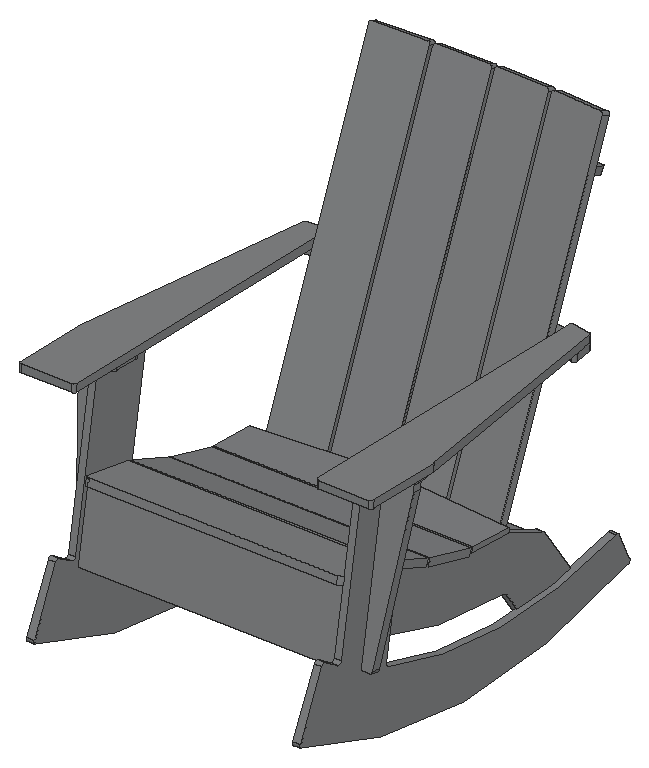
Revit family "Lollygagger Adirondack 4 Slat Rocker", category Furniture, Revit 2016 (continued)
Lines and regions (in)
  symbolic lines, detail levels fine
    curve 42: line (-9.77582, 16.50645, 0) -> (-5.50037, 17.0276, 0)
    curve 43: spline (-5.50037, 17.0276, 0) -> (-5.46802, 17.03073, 0) -> (-5.43623, 17.03216, 0) -> (-5.40553, 17.03188, 0) -> (-5.37645, 17.02989, 0) -> (-5.34949, 17.02623, 0) -> (-5.32512, 17.02095, 0) -> (-5.30374, 17.01414, 0) -> (-5.28573, 17.00593, 0) -> (-5.27139, 16.99646, 0) -> (-5.26097, 16.98588, 0) -> (-5.25464, 16.97437, 0) -> (-5.25252, 16.96214, 0)
    curve 44: line (-5.25252, 16.96214, 0) -> (-5.17077, 16.38044, 0)
    curve 45: line (9.77582, 16.50645, 0) -> (5.50037, 17.0276, 0)
    curve 46: spline (5.50037, 17.0276, 0) -> (5.46802, 17.03073, 0) -> (5.43623, 17.03216, 0) -> (5.40553, 17.03188, 0) -> (5.37645, 17.02989, 0) -> (5.34949, 17.02623, 0) -> (5.32512, 17.02095, 0) -> (5.30374, 17.01414, 0) -> (5.28573, 17.00593, 0) -> (5.27139, 16.99646, 0) -> (5.26097, 16.98588, 0) -> (5.25464, 16.97437, 0) -> (5.25252, 16.96214, 0)
    curve 47: line (5.25252, 16.96214, 0) -> (5.17077, 16.38044, 0)
    curve 48: line (-4.70147, 17.08392, 0) -> (-0.39327, 17.26171, 0)
    curve 49: spline (-4.95122, 16.97795, 0) -> (-4.94908, 16.99052, 0) -> (-4.94271, 17.00306, 0) -> (-4.93221, 17.01534, 0) -> (-4.91776, 17.02716, 0) -> (-4.89961, 17.03832, 0) -> (-4.87807, 17.04861, 0) -> (-4.85351, 17.05788, 0) -> (-4.82635, 17.06595, 0) -> (-4.79705, 17.0727, 0) -> (-4.76611, 17.078, 0) -> (-4.73407, 17.08176, 0) -> (-4.70147, 17.08392, 0)
    curve 50: spline (-0.39327, 17.26171, 0) -> (-0.36067, 17.26224, 0) -> (-0.32863, 17.26112, 0) -> (-0.29769, 17.25838, 0) -> (-0.26839, 17.25405, 0) -> (-0.24123, 17.24822, 0) -> (-0.21666, 17.24098, 0) -> (-0.19512, 17.23246, 0) -> (-0.17697, 17.2228, 0) -> (-0.16253, 17.21218, 0) -> (-0.15202, 17.20076, 0) -> (-0.14565, 17.18875, 0) -> (-0.14351, 17.17635, 0)
    curve 51: line (-0.14351, 17.17635, 0) -> (-0.11562, 16.5995, 0)
    curve 52: line (4.70147, 17.08392, 0) -> (0.39327, 17.26171, 0)
    curve 53: spline (4.95122, 16.97795, 0) -> (4.94908, 16.99052, 0) -> (4.94271, 17.00306, 0) -> (4.93221, 17.01534, 0) -> (4.91776, 17.02716, 0) -> (4.89961, 17.03832, 0) -> (4.87807, 17.04861, 0) -> (4.85351, 17.05788, 0) -> (4.82635, 17.06595, 0) -> (4.79705, 17.0727, 0) -> (4.76611, 17.078, 0) -> (4.73407, 17.08176, 0) -> (4.70147, 17.08392, 0)
    curve 54: line (0.14351, 17.17635, 0) -> (0.11562, 16.5995, 0)
    curve 55: spline (0.39327, 17.26171, 0) -> (0.36067, 17.26224, 0) -> (0.32863, 17.26112, 0) -> (0.29769, 17.25838, 0) -> (0.26839, 17.25405, 0) -> (0.24123, 17.24822, 0) -> (0.21666, 17.24098, 0) -> (0.19512, 17.23246, 0) -> (0.17697, 17.2228, 0) -> (0.16253, 17.21218, 0) -> (0.15202, 17.20076, 0) -> (0.14565, 17.18875, 0) -> (0.14351, 17.17635, 0)
    curve 56: spline (0, 15.80572, 31.33021) -> (0, 15.70527, 31.09167) -> (0, 15.60886, 30.87056) -> (0, 15.52305, 30.68193) -> (0, 15.4537, 30.53864) -> (0, 15.40552, 30.45047) -> (0, 15.38181, 30.4234) -> (0, 15.38418, 30.4593) -> (0, 15.41247, 30.55572) -> (0, 15.46475, 30.70608) -> (0, 15.53745, 30.90013) -> (0, 15.62563, 31.12466) -> (0, 15.72327, 31.36436)
    curve 57: spline (0, 15.62734, 30.99827) -> (0, 15.6425, 31.03551) -> (0, 15.6562, 31.0704) -> (0, 15.6675, 31.10054) -> (0, 15.67562, 31.1239) -> (0, 15.68002, 31.13888) -> (0, 15.68038, 31.14446) -> (0, 15.6767, 31.14026) -> (0, 15.66922, 31.12656) -> (0, 15.65844, 31.1043) -> (0, 15.64511, 31.07499) -> (0, 15.63013, 31.04064) -> (0, 15.61453, 31.00358)
    curve 58: spline (0, 15.61453, 31.00358) -> (0, 15.59936, 30.96634) -> (0, 15.58566, 30.93146) -> (0, 15.57436, 30.90131) -> (0, 15.56624, 30.87795) -> (0, 15.56185, 30.86297) -> (0, 15.56148, 30.85739) -> (0, 15.56516, 30.8616) -> (0, 15.57265, 30.8753) -> (0, 15.58342, 30.89756) -> (0, 15.59675, 30.92686) -> (0, 15.61173, 30.96122) -> (0, 15.62734, 30.99827)
    curve 59: spline (0, 15.16685, 31.01963) -> (0, 15.17369, 31.02249) -> (0, 15.1841, 31.03488) -> (0, 15.19735, 31.05595) -> (0, 15.21255, 31.08427) -> (0, 15.22867, 31.1179) -> (0, 15.2446, 31.15456) -> (0, 15.25926, 31.19174) -> (0, 15.27164, 31.22692) -> (0, 15.28092, 31.25769) -> (0, 15.28644, 31.28196) -> (0, 15.28784, 31.29808) -> (0, 15.28503, 31.30494)
    curve 60: spline (0, 15.28503, 31.30494) -> (0, 15.27818, 31.30208) -> (0, 15.26778, 31.28969) -> (0, 15.25453, 31.26862) -> (0, 15.23932, 31.24031) -> (0, 15.22321, 31.20667) -> (0, 15.20728, 31.17002) -> (0, 15.19262, 31.13283) -> (0, 15.18024, 31.09765) -> (0, 15.17096, 31.06688) -> (0, 15.16544, 31.04261) -> (0, 15.16403, 31.0265) -> (0, 15.16685, 31.01963)
    curve 61: spline (0, 15.49027, 31.46087) -> (0, 15.38711, 31.22346) -> (0, 15.28274, 31.00564) -> (0, 15.18428, 30.82225) -> (0, 15.09844, 30.6858) -> (0, 15.03106, 30.60557) -> (0, 14.98674, 30.58705) -> (0, 14.9685, 30.63148) -> (0, 14.97759, 30.73585) -> (0, 15.01338, 30.89304) -> (0, 15.07343, 31.09234) -> (0, 15.15365, 31.32016) -> (0, 15.24858, 31.56098)
    curve 62: line (0, 15.70677, 31.98353) -> (0, 15.49027, 31.46087)
    curve 63: line (0, 15.24858, 31.56098) -> (0, 15.46473, 32.08282)
    curve 64: spline (0, 10.95118, 19.78445) -> (0, 10.94852, 19.79137) -> (0, 10.95163, 19.812) -> (0, 10.96044, 19.84599) -> (0, 10.97482, 19.89277) -> (0, 10.9945, 19.95153) -> (0, 11.01916, 20.02126) -> (0, 11.04838, 20.10078) -> (0, 11.08165, 20.18871) -> (0, 11.1184, 20.28357) -> (0, 11.15801, 20.38372) -> (0, 11.1998, 20.48745) -> (0, 11.24305, 20.59298)
    curve 65: line (0, 11.24305, 20.59298) -> (0, 11.54362, 21.32031)
    curve 66: spline (0, 11.17168, 20.24218) -> (0, 11.18629, 20.27805) -> (0, 11.19948, 20.31165) -> (0, 11.21036, 20.34069) -> (0, 11.21819, 20.36319) -> (0, 11.22242, 20.37762) -> (0, 11.22277, 20.38299) -> (0, 11.21923, 20.37894) -> (0, 11.21202, 20.36575) -> (0, 11.20164, 20.34431) -> (0, 11.1888, 20.31608) -> (0, 11.17437, 20.28299) -> (0, 11.15934, 20.24729)
    curve 67: spline (0, 11.15934, 20.24729) -> (0, 11.14473, 20.21143) -> (0, 11.13153, 20.17783) -> (0, 11.12065, 20.14879) -> (0, 11.11283, 20.12629) -> (0, 11.1086, 20.11186) -> (0, 11.10824, 20.10649) -> (0, 11.11179, 20.11054) -> (0, 11.119, 20.12373) -> (0, 11.12938, 20.14517) -> (0, 11.14222, 20.1734) -> (0, 11.15664, 20.20649) -> (0, 11.17168, 20.24218)
    curve 68: spline (0, 10.73483, 20.3832) -> (0, 10.7282, 20.38043) -> (0, 10.71813, 20.36843) -> (0, 10.70529, 20.34802) -> (0, 10.69056, 20.3206) -> (0, 10.67495, 20.28802) -> (0, 10.65952, 20.25251) -> (0, 10.64533, 20.2165) -> (0, 10.63333, 20.18243) -> (0, 10.62435, 20.15262) -> (0, 10.619, 20.12911) -> (0, 10.61764, 20.1135) -> (0, 10.62036, 20.10686)
    curve 69: spline (0, 10.62036, 20.10686) -> (0, 10.62699, 20.10963) -> (0, 10.63707, 20.12162) -> (0, 10.64991, 20.14203) -> (0, 10.66463, 20.16946) -> (0, 10.68024, 20.20204) -> (0, 10.69567, 20.23754) -> (0, 10.70987, 20.27356) -> (0, 10.72187, 20.30763) -> (0, 10.73085, 20.33744) -> (0, 10.7362, 20.36095) -> (0, 10.73756, 20.37655) -> (0, 10.73483, 20.3832)
    curve 70: line (0, 11.30807, 21.32031) -> (0, 11.01297, 20.59335)
    curve 71: spline (0, 11.01297, 20.59335) -> (0, 10.96901, 20.48767) -> (0, 10.92369, 20.38381) -> (0, 10.87779, 20.28353) -> (0, 10.83207, 20.18856) -> (0, 10.78734, 20.10051) -> (0, 10.74435, 20.02089) -> (0, 10.70384, 19.95106) -> (0, 10.66651, 19.89223) -> (0, 10.63298, 19.84539) -> (0, 10.60384, 19.81135) -> (0, 10.57959, 19.7907) -> (0, 10.56063, 19.78377)
    curve 72: spline (0, 10.41926, 19.78378) -> (0, 10.40592, 19.7907) -> (0, 10.39844, 19.81136) -> (0, 10.39693, 19.8454) -> (0, 10.40143, 19.89224) -> (0, 10.41186, 19.95107) -> (0, 10.42804, 20.0209) -> (0, 10.44969, 20.10052) -> (0, 10.47645, 20.18857) -> (0, 10.50784, 20.28355) -> (0, 10.54335, 20.38382) -> (0, 10.58235, 20.48769) -> (0, 10.62419, 20.59336)
    curve 73: line (0, 10.62419, 20.59336) -> (0, 10.91929, 21.32031)
    curve 78: spline (0, 16.38057, 36.43641) -> (0, 16.39331, 36.46645) -> (0, 16.40636, 36.49576) -> (0, 16.41948, 36.52385) -> (0, 16.43245, 36.55022) -> (0, 16.44505, 36.57443) -> (0, 16.45706, 36.59607) -> (0, 16.46829, 36.61476) -> (0, 16.47853, 36.63018) -> (0, 16.4876, 36.64207) -> (0, 16.49537, 36.65024) -> (0, 16.50169, 36.65452) -> (0, 16.50645, 36.65487)
    curve 81: line (0, 4.68692, 10.10989) -> (0, 0.48064, 10.3573)
    curve 82: line (0, 0.48064, 10.3573) -> (0, -4.12757, 11.57023)
    curve 83: line (0, -4.12757, 11.57023) -> (0, -8.11416, 13.12582)
    curve 85: line (0, 4.78778, 10.06811) -> (0, 4.68692, 10.10989)
Dimensions and locks (in)
  "Length": plane 5 to plane 4
  "Width": plane 6 to plane 7
  equal spacing: plane 5, plane 3 "Center Left/Right", plane 4
  locked: plane 8 to plane 4 at 3.39062
  locked: plane 5 to plane 9 at 3.39063
  "Height Arm": plane 10 to level
  "Thick": plane 10 to plane 11
  "Thick": plane 9 to plane 12
  "Thick": plane 13 to plane 8
  locked: plane 14 to plane 7 at 3.32925
  "Thick": Extrusion 7 to plane 13
  "Thick": plane 11 to plane 15
  Extrusion 16 sketch curve to plane 13 = 0.31254"
  "Thick": plane 12 to Extrusion 6
  aligned and locked: level to plane 2
  aligned and locked: Extrusion 3 sketch curve to plane 12
  aligned and locked: plane 13 to Extrusion 3 sketch curve
  aligned and locked: Extrusion 4 sketch curve to plane 11
  aligned and locked: Extrusion 5 to plane 8
  aligned and locked: plane 13 to Extrusion 5
  aligned and locked: Extrusion 7 to plane 13
  aligned and locked: plane 12 to Extrusion 8
  aligned and locked: plane 12 to Extrusion 9
  aligned and locked: plane 8 to Extrusion 11
  aligned and locked: Extrusion 12 sketch curve to plane 9
  aligned and locked: Extrusion 14 to Extrusion 6
  aligned and locked: Extrusion 19 to Extrusion 13
  aligned and locked: Extrusion 20 to Extrusion 6
  aligned and locked: Extrusion 21 to Extrusion 7
  aligned and locked: Extrusion 22 to Extrusion 7
  aligned and locked: Extrusion 23 to Extrusion 6
  aligned and locked: Extrusion 24 sketch curve to Extrusion 13
  aligned and locked: Extrusion 25 to Extrusion 10
  aligned and locked: Extrusion 25 to Extrusion 6
  aligned and locked: Extrusion 26 to Extrusion 7  (x2)
  aligned and locked: Extrusion 26 to Extrusion 10
  aligned and locked: Extrusion 27 to Extrusion 9  (x2)
  aligned and locked: Extrusion 27 to Extrusion 7
  aligned and locked: Extrusion 28 to Extrusion 6
  aligned and locked: Extrusion 28 to Extrusion 9
  aligned and locked: Extrusion 30 to Extrusion 6
  aligned and locked: Extrusion 31 to Extrusion 6
  aligned and locked: Extrusion 32 to Extrusion 7
  aligned and locked: Extrusion 3 to Masking region 2 sketch curve
  aligned and locked: Masking region 2 sketch curve to plane 12
  aligned and locked: Masking region 2 sketch curve to plane 7
  aligned and locked: Masking region 2 sketch curve to plane 9
  aligned and locked: Masking region 2 sketch curve to plane 14  (x2)
  aligned and locked: Masking region 2 sketch curve to plane 5
  aligned and locked: curve 4 to plane 14
  aligned and locked: curve 1 to Extrusion 1
  aligned and locked: curve 5 to Extrusion 2
  aligned and locked: plane 13 to Masking region 2
  aligned and locked: Masking region 2 to plane 8
  aligned and locked: Masking region 1 sketch curve to plane 10
  aligned and locked: Masking region 1 sketch curve to plane 5
  aligned and locked: Masking region 1 sketch curve to plane 11
  aligned and locked: Masking region 1 sketch curve to Extrusion 15
  aligned and locked: Masking region 1 sketch curve to plane 15
  aligned and locked: Masking region 1 sketch curve to plane 9
  aligned and locked: Masking region 1 sketch curve to Extrusion 12
  aligned and locked: Masking region 1 sketch curve to plane 2
  aligned and locked: Masking region 1 sketch curve to Extrusion 6
  aligned and locked: Masking region 1 to plane 8
  aligned and locked: Extrusion 16 to plane 15
  aligned and locked: plane 10 to Extrusion 2
  aligned and locked: Extrusion 15 to plane 15
  aligned and locked: plane 10 to Extrusion 1
  aligned and locked: Extrusion 18 to Masking region 1 sketch curve
  aligned and locked: Masking region 1 sketch curve to Extrusion 18  (x2)
  aligned and locked: plane 11 to Extrusion 18
  aligned and locked: Masking region 1 sketch curve to plane 13
  aligned and locked: curve 24 to Extrusion 7
  aligned and locked: plane 15 to curve 28
  aligned and locked: Extrusion 18 to Masking region 3 sketch curve
  aligned and locked: Masking region 3 sketch curve to Extrusion 18
  aligned and locked: Extrusion 18 to plane 15
  aligned and locked: plane 9 to Extrusion 4
  aligned and locked: Extrusion 4 to plane 12
  aligned and locked: plane 11 to Extrusion 16
  aligned and locked: plane 12 to Extrusion 6
  aligned and locked: plane 12 to curve 25
  aligned and locked: Extrusion 1 to plane 11
  aligned and locked: Extrusion 2 to plane 11
  aligned and locked: plane 13 to Extrusion 33 sketch curve
  aligned and locked: Extrusion 34 to Extrusion 7
  aligned and locked: Extrusion 36 to Extrusion 35
  aligned and locked: Extrusion 38 to Extrusion 39
  aligned and locked: Extrusion 42 to Extrusion 41
  aligned and locked: Extrusion 43 to Extrusion 41
  aligned and locked: Extrusion 44 to Extrusion 45
  aligned and locked: Extrusion 44 to Extrusion 46
  aligned and locked: Masking region 2 sketch curve to plane 8
  aligned and locked: plane 13 to Masking region 2 sketch curve
  aligned and locked: plane 14 to Masking region 2 sketch curve
  aligned and locked: curve 36 to Extrusion 2
  aligned and locked: plane 13 to curve 37
  aligned and locked: plane 12 to curve 39
  aligned and locked: Extrusion 18 to Extrusion 1
  aligned and locked: curve 11 to Extrusion 44
  aligned and locked: curve 16 to Masking region 2
  aligned and locked: Masking region 2 to curve 17
  aligned and locked: curve 20 to Masking region 2
  aligned and locked: curve 21 to Masking region 2
  aligned and locked: Extrusion 1 to Masking region 4 sketch curve
  aligned and locked: plane 14 to Masking region 4 sketch curve
  aligned and locked: plane 11 to Masking region 4 sketch curve
  aligned and locked: plane 15 to Masking region 4 sketch curve
  aligned and locked: Masking region 4 sketch curve to plane 11
Automatic sketch dimensions
  Extrusion 4 sketch curve to Extrusion 4 sketch curve = 0"  (x4)
  Extrusion 4 sketch curve to plane 6 = 0.81418"
  level to Extrusion 4 sketch curve = 3.14788"
  Extrusion 4 sketch curve to Extrusion 4 sketch curve = 0.17366"  (x2)
  Extrusion 4 sketch curve to Extrusion 4 sketch curve = 1.80714"
  Extrusion 4 sketch curve to Extrusion 4 sketch curve = 23.09522"
  Extrusion 4 sketch curve to Extrusion 4 sketch curve = 0.24541"  (x2)
  Extrusion 4 sketch curve to Extrusion 4 sketch curve = 0.60721"
  Extrusion 4 sketch curve to Extrusion 4 sketch curve = 2.99631"
  Extrusion 4 sketch curve to Extrusion 4 sketch curve = 4.63607"
  Extrusion 4 sketch curve to Extrusion 4 sketch curve = 5.17701"
  Extrusion 4 sketch curve to Extrusion 4 sketch curve = 1.67739"
  Extrusion 4 sketch curve to Extrusion 4 sketch curve = 0.24939"  (x2)
  Extrusion 4 sketch curve to Extrusion 4 sketch curve = 0.38015"
  Extrusion 4 sketch curve to Extrusion 4 sketch curve = 4.73987"
  Extrusion 4 sketch curve to Extrusion 4 sketch curve = 22.58683"
  Extrusion 4 sketch curve to Extrusion 4 sketch curve = 2.38243"
  Extrusion 4 sketch curve to Extrusion 4 sketch curve = 1.74514"
  Extrusion 4 sketch curve to Extrusion 4 sketch curve = 0.17983"  (x2)
  Extrusion 4 sketch curve to Extrusion 4 sketch curve = 13.16581"
  Extrusion 4 sketch curve to Extrusion 4 sketch curve = 0.0477"  (x2)
  Extrusion 4 sketch curve to Extrusion 4 sketch curve = 0.02121"
  Extrusion 4 sketch curve to Extrusion 4 sketch curve = 0.01744"  (x2)
  Extrusion 4 sketch curve to Extrusion 4 sketch curve = 0.3817"
  Extrusion 4 sketch curve to Extrusion 4 sketch curve = 5.43639"
  Extrusion 4 sketch curve to Extrusion 4 sketch curve = 0.16119"
  Extrusion 13 sketch curve to plane 1 "Center Front/Back" = 7.17323"
  level to Extrusion 13 sketch curve = 8.3873"
  Extrusion 13 sketch curve to Extrusion 13 sketch curve = 0.46298"
  Extrusion 13 sketch curve to Extrusion 13 sketch curve = 1.23454"
  Extrusion 13 sketch curve to Extrusion 13 sketch curve = 0.02616"
  Extrusion 13 sketch curve to Extrusion 13 sketch curve = 0.12223"  (x2)
  Extrusion 13 sketch curve to Extrusion 13 sketch curve = 0.04238"
  Extrusion 13 sketch curve to Extrusion 13 sketch curve = 3.14218"
  Extrusion 13 sketch curve to Extrusion 13 sketch curve = 2.36205"
  Extrusion 13 sketch curve to Extrusion 13 sketch curve = 4.8103"
  Extrusion 13 sketch curve to Extrusion 13 sketch curve = 4.63777"
  Extrusion 13 sketch curve to Extrusion 13 sketch curve = 3.58328"
  Extrusion 13 sketch curve to Extrusion 13 sketch curve = 0.02389"
  Extrusion 13 sketch curve to Extrusion 13 sketch curve = 0.02988"
  Extrusion 13 sketch curve to Extrusion 13 sketch curve = 1.65649"
  Extrusion 13 sketch curve to Extrusion 13 sketch curve = 2.16328"
  Extrusion 13 sketch curve to Extrusion 13 sketch curve = 0.29227"
  Extrusion 13 sketch curve to Extrusion 13 sketch curve = 0.36391"
  Extrusion 13 sketch curve to Extrusion 13 sketch curve = 3.25841"
  Extrusion 13 sketch curve to Extrusion 13 sketch curve = 0.03495"
  level to Extrusion 22 sketch curve = 6.46778"
  Extrusion 22 sketch curve to Extrusion 22 sketch curve = 0.06765"
  Extrusion 22 sketch curve to Extrusion 22 sketch curve = 0.11548"
  Extrusion 22 sketch curve to Extrusion 22 sketch curve = 0.28701"
  Extrusion 22 sketch curve to Extrusion 22 sketch curve = 0.92388"
  Extrusion 22 sketch curve to Extrusion 22 sketch curve = 0.14365"
  Extrusion 22 sketch curve to Extrusion 22 sketch curve = 0.30032"
  Extrusion 22 sketch curve to plane 1 "Center Front/Back" = 5.86305"
  Extrusion 22 sketch curve to Extrusion 22 sketch curve = 0.76942"
  Extrusion 22 sketch curve to Extrusion 22 sketch curve = 0.02513"
  Extrusion 22 sketch curve to Extrusion 22 sketch curve = 0.34686"
  Extrusion 22 sketch curve to Extrusion 22 sketch curve = 0.69291"
  Extrusion 22 sketch curve to Extrusion 22 sketch curve = 0.04784"
  level to Extrusion 23 sketch curve = 6.46778"
  Extrusion 23 sketch curve to Extrusion 23 sketch curve = 0.06765"
  Extrusion 23 sketch curve to Extrusion 23 sketch curve = 0.11548"
  Extrusion 23 sketch curve to Extrusion 23 sketch curve = 0.28701"
  Extrusion 23 sketch curve to Extrusion 23 sketch curve = 0.92388"
  Extrusion 23 sketch curve to Extrusion 23 sketch curve = 0.14416"
  Extrusion 23 sketch curve to Extrusion 23 sketch curve = 0.30032"
  Extrusion 23 sketch curve to plane 1 "Center Front/Back" = 5.86305"
  Extrusion 23 sketch curve to Extrusion 23 sketch curve = 0.76891"
  Extrusion 23 sketch curve to Extrusion 23 sketch curve = 0.02513"
  Extrusion 23 sketch curve to Extrusion 23 sketch curve = 0.34545"
  Extrusion 23 sketch curve to Extrusion 23 sketch curve = 0.69291"
  Extrusion 23 sketch curve to Extrusion 23 sketch curve = 0.04784"
  Extrusion 36 sketch curve to Extrusion 36 sketch curve = 0.37701"
  Extrusion 36 sketch curve to Extrusion 36 sketch curve = 3/4"  (x2)
  Extrusion 36 sketch curve to Extrusion 36 sketch curve = 1/8"
  Extrusion 36 sketch curve to Extrusion 36 sketch curve = 0.00654"
  Extrusion 36 sketch curve to Extrusion 36 sketch curve = 7/8"
  Extrusion 37 sketch curve to Extrusion 37 sketch curve = 0.0541"
  Extrusion 37 sketch curve to Extrusion 37 sketch curve = 0.47091"
  Extrusion 37 sketch curve to Extrusion 37 sketch curve = 0.82638"
  Extrusion 37 sketch curve to Extrusion 37 sketch curve = 0.34871"
  Extrusion 37 sketch curve to Extrusion 37 sketch curve = 0.40281"
  Extrusion 37 sketch curve to Extrusion 37 sketch curve = 0.04733"
  Extrusion 37 sketch curve to Extrusion 37 sketch curve = 1.37299"
  Extrusion 37 sketch curve to Extrusion 37 sketch curve = 0.01352"  (x3)
  Extrusion 37 sketch curve to Extrusion 37 sketch curve = 1.35946"
  Extrusion 37 sketch curve to Extrusion 37 sketch curve = 0.24963"  (x2)
  Extrusion 37 sketch curve to Extrusion 37 sketch curve = 0.47597"
  Extrusion 38 sketch curve to Extrusion 38 sketch curve = 29 3/4"
  Extrusion 38 sketch curve to Extrusion 38 sketch curve = 0"
  Extrusion 38 sketch curve to Extrusion 38 sketch curve = 1/4"
  Extrusion 38 sketch curve to Extrusion 38 sketch curve = 4 5/16"
  Extrusion 39 sketch curve to Extrusion 39 sketch curve = 0.37701"
  Extrusion 39 sketch curve to Extrusion 39 sketch curve = 3/4"  (x2)
  Extrusion 39 sketch curve to Extrusion 39 sketch curve = 1/8"
  Extrusion 39 sketch curve to Extrusion 39 sketch curve = 0.99346"
  Extrusion 39 sketch curve to Extrusion 39 sketch curve = 0.00654"
  Extrusion 40 sketch curve to Extrusion 40 sketch curve = 0.0541"
  Extrusion 40 sketch curve to Extrusion 40 sketch curve = 0.47091"
  Extrusion 40 sketch curve to Extrusion 40 sketch curve = 0.82638"  (x2)
  Extrusion 40 sketch curve to Extrusion 40 sketch curve = 0.34871"
  Extrusion 40 sketch curve to Extrusion 40 sketch curve = 0.40281"
  Extrusion 40 sketch curve to Extrusion 40 sketch curve = 0.04733"
  Extrusion 40 sketch curve to Extrusion 40 sketch curve = 1.37299"
  Extrusion 40 sketch curve to Extrusion 40 sketch curve = 0.01352"  (x3)
  Extrusion 40 sketch curve to Extrusion 40 sketch curve = 1.35946"
  Extrusion 40 sketch curve to Extrusion 40 sketch curve = 0.24963"  (x3)
  Extrusion 40 sketch curve to Extrusion 40 sketch curve = 0.07438"
  Extrusion 40 sketch curve to Extrusion 40 sketch curve = 0.47597"
  Extrusion 40 sketch curve to Extrusion 40 sketch curve = 0.47523"
  Extrusion 40 sketch curve to Extrusion 40 sketch curve = 0.52257"
  Extrusion 40 sketch curve to Extrusion 40 sketch curve = 0.17525"
  Extrusion 42 sketch curve to Extrusion 42 sketch curve = 1/8"  (x2)
  Extrusion 42 sketch curve to Extrusion 42 sketch curve = 0.9979"
  Extrusion 42 sketch curve to Extrusion 42 sketch curve = 0.0021"
  Extrusion 42 sketch curve to Extrusion 42 sketch curve = 0.37493"
  Extrusion 43 sketch curve to Extrusion 43 sketch curve = 0.24534"
  Extrusion 43 sketch curve to Extrusion 43 sketch curve = 0.00462"  (x4)
  Extrusion 43 sketch curve to Extrusion 43 sketch curve = 0.87485"  (x2)
  Extrusion 43 sketch curve to Extrusion 43 sketch curve = 0.01617"
  Extrusion 43 sketch curve to Extrusion 43 sketch curve = 0.50618"
  Extrusion 43 sketch curve to Extrusion 43 sketch curve = 0.49365"
  Extrusion 43 sketch curve to Extrusion 43 sketch curve = 0.50982"
  Extrusion 43 sketch curve to Extrusion 43 sketch curve = 0.24996"
  Extrusion 43 sketch curve to Extrusion 43 sketch curve = 0.01848"
  Extrusion 43 sketch curve to Extrusion 43 sketch curve = 0.50727"
  Extrusion 43 sketch curve to Extrusion 43 sketch curve = 0.85868"
  Extrusion 43 sketch curve to Extrusion 43 sketch curve = 0.38606"
  Extrusion 43 sketch curve to Extrusion 43 sketch curve = 1.37477"
  Extrusion 43 sketch curve to Extrusion 43 sketch curve = 1.37014"
  Extrusion 44 sketch curve to Extrusion 44 sketch curve = 1/4"  (x2)
  Extrusion 44 sketch curve to Extrusion 44 sketch curve = 4 5/16"
  Extrusion 44 sketch curve to Extrusion 44 sketch curve = 29 3/4"
  Extrusion 45 sketch curve to Extrusion 45 sketch curve = 1/8"  (x2)
  Extrusion 45 sketch curve to Extrusion 45 sketch curve = 0.9979"
  Extrusion 45 sketch curve to Extrusion 45 sketch curve = 0.0021"
  Extrusion 45 sketch curve to Extrusion 45 sketch curve = 3/4"
  Extrusion 45 sketch curve to Extrusion 45 sketch curve = 0.37493"
  Extrusion 46 sketch curve to Extrusion 46 sketch curve = 0.02541"
  Extrusion 46 sketch curve to Extrusion 46 sketch curve = 0.24534"  (x2)
  Extrusion 46 sketch curve to Extrusion 46 sketch curve = 0.24996"  (x3)
  Extrusion 46 sketch curve to Extrusion 46 sketch curve = 0.87485"  (x2)
  Extrusion 46 sketch curve to Extrusion 46 sketch curve = 0.01617"  (x3)
  Extrusion 46 sketch curve to Extrusion 46 sketch curve = 0.50618"
  Extrusion 46 sketch curve to Extrusion 46 sketch curve = 0.49365"
  Extrusion 46 sketch curve to Extrusion 46 sketch curve = 0.50982"
  Extrusion 46 sketch curve to Extrusion 46 sketch curve = 0.59486"
  Extrusion 46 sketch curve to Extrusion 46 sketch curve = 0.00462"
  Extrusion 46 sketch curve to Extrusion 46 sketch curve = 0.04158"
  Extrusion 46 sketch curve to Extrusion 46 sketch curve = 1.37477"
  Extrusion 46 sketch curve to Extrusion 46 sketch curve = 0.01848"
  Extrusion 46 sketch curve to Extrusion 46 sketch curve = 0.36758"
  Extrusion 35 sketch curve to Extrusion 35 sketch curve = 29 3/4"
  Extrusion 35 sketch curve to Extrusion 35 sketch curve = 0"
  Extrusion 35 sketch curve to Extrusion 35 sketch curve = 1/4"
  Extrusion 35 sketch curve to Extrusion 35 sketch curve = 4 5/16"
  Extrusion 37 sketch curve to Extrusion 37 sketch curve = 0.07438"
  Extrusion 37 sketch curve to Extrusion 37 sketch curve = 0.23611"
  Extrusion 37 sketch curve to Extrusion 37 sketch curve = 0.87372"
  Extrusion 37 sketch curve to Extrusion 37 sketch curve = 0.52257"
  Extrusion 37 sketch curve to Extrusion 37 sketch curve = 0.5233"
  Extrusion 37 sketch curve to Extrusion 37 sketch curve = 0.33754"
  Extrusion 41 sketch curve to Extrusion 41 sketch curve = 1/4"  (x2)
  Extrusion 41 sketch curve to Extrusion 41 sketch curve = 4 5/16"
  Extrusion 41 sketch curve to Extrusion 41 sketch curve = 29 3/4"
  Extrusion 42 sketch curve to Extrusion 42 sketch curve = 3/4"
  Extrusion 43 sketch curve to Extrusion 43 sketch curve = 0.02541"
  Extrusion 43 sketch curve to Extrusion 43 sketch curve = 0.27999"
  curve 4 to plane 9 = 0"
  curve 38 to plane 9 = 0"
  curve 8 to plane 14 = 0"
  curve 36 to plane 8 = 0"
  curve 3 to curve 1 = 1/4"
  curve 4 to curve 2 = 1/4"
  curve 42 to plane 6 = 0.34428"
  curve 42 to curve 11 = 0.54915"
  curve 44 to plane 6 = 0.40974"
  curve 42 to curve 44 = 0.24785"
  curve 43 to curve 10 = 0.08175"
  curve 48 to plane 6 = 0.28796"
  curve 49 to curve 48 = 0.24975"
  curve 48 to plane 6 = 0.11017"
  curve 48 to plane 3 "Center Left/Right" = 0.39327"
  curve 51 to plane 3 "Center Left/Right" = 0.14351"
  curve 12 to plane 3 "Center Left/Right" = 0.11562"
  plane 3 "Center Left/Right" to curve 54 = 0.14351"
  curve 52 to plane 6 = 0.11017"
  curve 54 to curve 52 = 0.24975"
  curve 52 to plane 6 = 0.28796"
  curve 55 to curve 52 = 4.3082"
  curve 52 to curve 14 = 0.24975"
  curve 53 to curve 15 = 0.21955"
  curve 47 to plane 6 = 0.40974"
  curve 14 to curve 47 = 0.3013"
  curve 45 to plane 6 = 0.34428"
  curve 46 to curve 45 = 0.24785"
  curve 5 to curve 7 = 1/4"
  curve 6 to curve 6 = 1/4"
  curve 1 to plane 6 = 5.54736"
  curve 44 to curve 43 = 0.5817"
  curve 47 to curve 47 = 0.5817"
  curve 51 to curve 50 = 0.66221"
  curve 14 to curve 52 = 0.10598"
  curve 11 to curve 49 = 0.10598"
  curve 54 to plane 6 = 0.19553"
  curve 51 to plane 6 = 0.19553"
  curve 3 to curve 3 = 0.03534"
  curve 3 to curve 38 = 0.15284"
  curve 40 to plane 12 = 0.97633"
  curve 40 to curve 42 = 0.24785"
  curve 43 to curve 42 = 0"
  curve 43 to curve 43 = 0.00036"
  curve 49 to curve 48 = 0"
  curve 49 to curve 49 = 0.24971"
  curve 50 to curve 50 = 0"
  curve 16 to plane 3 "Center Left/Right" = 0.32366"
  curve 17 to curve 16 = 0"
  curve 18 to plane 3 "Center Left/Right" = 0.32366"
  curve 20 to plane 3 "Center Left/Right" = 0.32366"
  curve 19 to curve 18 = 0"  (x2)
  curve 21 to curve 20 = 0"  (x2)
  curve 50 to curve 51 = 0.00004"
  curve 9 to plane 3 "Center Left/Right" = 0.01116"
  plane 3 "Center Left/Right" to curve 13 = 0.11562"
  curve 54 to curve 55 = 0.00004"
  plane 3 "Center Left/Right" to curve 18 = 0.32366"
  plane 3 "Center Left/Right" to curve 20 = 0.32366"
  plane 3 "Center Left/Right" to curve 17 = 0.32366"
  curve 16 to curve 17 = 0"
  curve 55 to curve 55 = 0"
  curve 53 to curve 52 = 0.24971"
  curve 53 to curve 52 = 0"
  curve 46 to curve 46 = 0.00036"
  curve 46 to curve 45 = 0"
  plane 13 to curve 45 = 1.22418"
  curve 5 to curve 36 = 0.11006"
  curve 36 to curve 7 = 0.17529"
  curve 8 to plane 8 = 0.02231"
  curve 9 to plane 7 = 21.40072"
  curve 9 to plane 4 = 37.80847"
  curve 5 to curve 41 = 1.68187"
  plane 1 "Center Front/Back" to curve 19 = 4.10169"
  curve 19 to curve 18 = 0.07727"
  curve 9 to plane 1 "Center Front/Back" = 4.55688"
  curve 38 to curve 3 = 0.15668"
  curve 37 to curve 37 = 0.52239"
  curve 39 to curve 39 = 0.52239"
  curve 40 to plane 6 = 0.99132"
  curve 40 to curve 42 = 0.12588"
  curve 45 to plane 6 = 0.86544"
  curve 12 to curve 54 = 0"
  curve 23 to plane 11 = 0"
  curve 22 to plane 11 = 0"
  curve 24 to level = 0"
  curve 25 to level = 0"
  curve 23 to plane 5 = 0.5427"
  curve 23 to plane 12 = 97/128"
  plane 13 to curve 22 = 0.96691"
  plane 4 to curve 22 = 0.5427"
  curve 24 to plane 15 = 6.78251"
  curve 25 to plane 15 = 6.78251"
  Extrusion 1 sketch curve to plane 14 = 0"
  plane 14 to Extrusion 1 sketch curve = 1/4"  (x2)
  Extrusion 1 sketch curve to plane 5 = 0.25013"
  Extrusion 1 sketch curve to Extrusion 1 sketch curve = 6.35058"
  Extrusion 1 sketch curve to plane 5 = 0.00257"
  Extrusion 1 sketch curve to Extrusion 1 sketch curve = 0.03479"  (x2)
  plane 9 to Extrusion 1 sketch curve = 0.31881"
  Extrusion 1 sketch curve to plane 6 = 5.75462"
  plane 9 to Extrusion 1 sketch curve = 0.56638"
  Extrusion 1 sketch curve to plane 12 = 0.7575"
  Extrusion 1 sketch curve to Extrusion 1 sketch curve = 0.20726"
  plane 9 to Extrusion 1 sketch curve = 0.35416"
  Extrusion 1 sketch curve to plane 12 = 0.47216"
  Extrusion 1 sketch curve to Extrusion 1 sketch curve = 0.24749"
  Extrusion 2 sketch curve to plane 4 = 0"
  Extrusion 2 sketch curve to plane 14 = 0"
  plane 14 to Extrusion 2 sketch curve = 1/4"  (x2)
  plane 4 to Extrusion 2 sketch curve = 1/4"
  Extrusion 2 sketch curve to Extrusion 2 sketch curve = 6.34963"
  plane 4 to Extrusion 2 sketch curve = 0.00243"
  Extrusion 2 sketch curve to plane 8 = 0.31881"
  Extrusion 2 sketch curve to plane 6 = 5.75462"
  Extrusion 2 sketch curve to plane 8 = 0.56638"
  Extrusion 2 sketch curve to Extrusion 2 sketch curve = 0.03479"
  plane 13 to Extrusion 2 sketch curve = 0.48506"
  Extrusion 2 sketch curve to Extrusion 2 sketch curve = 0.20405"
  Extrusion 2 sketch curve to plane 8 = 0.35416"
  plane 13 to Extrusion 2 sketch curve = 0.44971"
  Extrusion 2 sketch curve to Extrusion 2 sketch curve = 0.24749"
  Extrusion 3 sketch curve to Extrusion 3 sketch curve = 0.86495"
  plane 3 "Center Left/Right" to Extrusion 3 sketch curve = 0.20573"
  Extrusion 3 sketch curve to Extrusion 3 sketch curve = 0.40873"
  Extrusion 3 sketch curve to Extrusion 3 sketch curve = 6.2593"
  Extrusion 3 sketch curve to Extrusion 3 sketch curve = 369.29722"
  Extrusion 5 sketch curve to Extrusion 5 sketch curve = 0"  (x4)
  Extrusion 5 sketch curve to plane 11 = 0"  (x2)
  Extrusion 5 sketch curve to plane 6 = 0.81418"
  level to Extrusion 5 sketch curve = 3.14788"
  Extrusion 5 sketch curve to Extrusion 5 sketch curve = 0.17366"  (x2)
  Extrusion 5 sketch curve to Extrusion 5 sketch curve = 1.80714"
  Extrusion 5 sketch curve to Extrusion 5 sketch curve = 23.09522"
  Extrusion 5 sketch curve to Extrusion 5 sketch curve = 0.24541"  (x2)
  Extrusion 5 sketch curve to Extrusion 5 sketch curve = 0.60721"
  Extrusion 5 sketch curve to Extrusion 5 sketch curve = 2.99631"
  Extrusion 5 sketch curve to Extrusion 5 sketch curve = 4.63607"
  Extrusion 5 sketch curve to Extrusion 5 sketch curve = 5.17701"
  Extrusion 5 sketch curve to Extrusion 5 sketch curve = 1.67739"
  Extrusion 5 sketch curve to Extrusion 5 sketch curve = 0.24939"  (x2)
  Extrusion 5 sketch curve to Extrusion 5 sketch curve = 0.38015"
  Extrusion 5 sketch curve to Extrusion 5 sketch curve = 4.73987"
  Extrusion 5 sketch curve to Extrusion 5 sketch curve = 22.58683"
  Extrusion 5 sketch curve to Extrusion 5 sketch curve = 2.38243"
  Extrusion 5 sketch curve to Extrusion 5 sketch curve = 1.74514"
  Extrusion 5 sketch curve to Extrusion 5 sketch curve = 0.17983"  (x2)
  Extrusion 5 sketch curve to Extrusion 5 sketch curve = 13.16581"
  Extrusion 5 sketch curve to Extrusion 5 sketch curve = 0.0477"  (x2)
  Extrusion 5 sketch curve to Extrusion 5 sketch curve = 0.02121"
  Extrusion 5 sketch curve to Extrusion 5 sketch curve = 0.01744"  (x2)
  Extrusion 5 sketch curve to Extrusion 5 sketch curve = 0.3817"
  Extrusion 5 sketch curve to Extrusion 5 sketch curve = 5.43639"
  Extrusion 5 sketch curve to Extrusion 5 sketch curve = 0.16119"
  level to Extrusion 6 sketch curve = 1.26409"
  Extrusion 6 sketch curve to Extrusion 6 sketch curve = 0.14339"  (x4)
  level to Extrusion 6 sketch curve = 2.43973"
  Extrusion 6 sketch curve to Extrusion 6 sketch curve = 4.24008"
  level to Extrusion 6 sketch curve = 7.82139"
  plane 14 to Extrusion 6 sketch curve = 5 7/256"
  Extrusion 6 sketch curve to Extrusion 6 sketch curve = 0.20279"  (x2)
  Extrusion 6 sketch curve to Extrusion 6 sketch curve = 0.2462"  (x2)
  Extrusion 6 sketch curve to Extrusion 6 sketch curve = 0.16063"
  Extrusion 6 sketch curve to Extrusion 6 sketch curve = 0.20404"
  plane 14 to Extrusion 6 sketch curve = 1.94017"
  Extrusion 6 sketch curve to Extrusion 6 sketch curve = 0.49329"
  Extrusion 6 sketch curve to Extrusion 6 sketch curve = 2.78635"
  Extrusion 6 sketch curve to Extrusion 6 sketch curve = 0.08758"
  Extrusion 6 sketch curve to Extrusion 6 sketch curve = 1.40417"
  Extrusion 6 sketch curve to plane 1 "Center Front/Back" = 4.72974"
  Extrusion 6 sketch curve to Extrusion 6 sketch curve = 0.25407"
  Extrusion 6 sketch curve to plane 1 "Center Front/Back" = 4.64065"
  Extrusion 6 sketch curve to Extrusion 6 sketch curve = 0.02046"
  Extrusion 6 sketch curve to plane 1 "Center Front/Back" = 0.48064"
  Extrusion 6 sketch curve to Extrusion 6 sketch curve = 0.24469"
  plane 1 "Center Front/Back" to Extrusion 6 sketch curve = 4.12757"
  Extrusion 6 sketch curve to Extrusion 6 sketch curve = 1.21292"
  Extrusion 6 sketch curve to Extrusion 6 sketch curve = 1.45647"
  Extrusion 6 sketch curve to Extrusion 6 sketch curve = 0.25619"
  plane 14 to Extrusion 6 sketch curve = 6.49105"
  Extrusion 6 sketch curve to Extrusion 6 sketch curve = 0.01475"
  Extrusion 6 sketch curve to Extrusion 6 sketch curve = 0.58132"
  plane 14 to Extrusion 6 sketch curve = 3.16314"
  Extrusion 6 sketch curve to Extrusion 6 sketch curve = 0.04341"
  plane 14 to Extrusion 6 sketch curve = 3.17435"
  Extrusion 6 sketch curve to Extrusion 6 sketch curve = 0.06358"
  Extrusion 6 sketch curve to plane 1 "Center Front/Back" = 3.99488"
  plane 10 to Extrusion 6 sketch curve = 19.5175"
  Extrusion 6 sketch curve to plane 1 "Center Front/Back" = 0.49505"
  Extrusion 6 sketch curve to Extrusion 6 sketch curve = 3.26387"
  Extrusion 6 sketch curve to plane 1 "Center Front/Back" = 7.30149"
  Extrusion 6 sketch curve to Extrusion 6 sketch curve = 0.20479"  (x3)
  Extrusion 6 sketch curve to Extrusion 6 sketch curve = 3.4553"
  Extrusion 6 sketch curve to Extrusion 6 sketch curve = 0.09567"
  Extrusion 6 sketch curve to Extrusion 6 sketch curve = 4.7707"
  Extrusion 6 sketch curve to Extrusion 6 sketch curve = 0.39236"
  Extrusion 6 sketch curve to Extrusion 6 sketch curve = 0.05285"
  Extrusion 6 sketch curve to Extrusion 6 sketch curve = 0.28218"
  Extrusion 6 sketch curve to Extrusion 6 sketch curve = 0.03598"
  Extrusion 6 sketch curve to Extrusion 6 sketch curve = 0"  (x2)
  level to Extrusion 7 sketch curve = 1.26409"
  Extrusion 7 sketch curve to Extrusion 7 sketch curve = 0.14339"  (x4)
  level to Extrusion 7 sketch curve = 2.43973"
  Extrusion 7 sketch curve to Extrusion 7 sketch curve = 4.24008"
  level to Extrusion 7 sketch curve = 7.82139"
  plane 14 to Extrusion 7 sketch curve = 5 7/256"
  Extrusion 7 sketch curve to Extrusion 7 sketch curve = 0.20279"  (x2)
  Extrusion 7 sketch curve to Extrusion 7 sketch curve = 0.2462"  (x3)
  Extrusion 7 sketch curve to Extrusion 7 sketch curve = 0.16063"
  Extrusion 7 sketch curve to Extrusion 7 sketch curve = 0.20404"
  plane 14 to Extrusion 7 sketch curve = 1.81706"
  Extrusion 7 sketch curve to Extrusion 7 sketch curve = 0.51499"
  Extrusion 7 sketch curve to Extrusion 7 sketch curve = 2.78635"
  Extrusion 7 sketch curve to Extrusion 7 sketch curve = 0.1231"
  plane 14 to Extrusion 7 sketch curve = 1.71567"
  Extrusion 7 sketch curve to Extrusion 7 sketch curve = 0.02171"  (x3)
  Extrusion 7 sketch curve to Extrusion 7 sketch curve = 0.08758"
  Extrusion 7 sketch curve to Extrusion 7 sketch curve = 1.40417"
  Extrusion 7 sketch curve to plane 1 "Center Front/Back" = 4.72974"
  Extrusion 7 sketch curve to Extrusion 7 sketch curve = 0.25407"
  Extrusion 7 sketch curve to plane 1 "Center Front/Back" = 4.64065"
  Extrusion 7 sketch curve to Extrusion 7 sketch curve = 0.02046"
  Extrusion 7 sketch curve to plane 1 "Center Front/Back" = 0.48064"
  Extrusion 7 sketch curve to Extrusion 7 sketch curve = 0.24469"
  plane 1 "Center Front/Back" to Extrusion 7 sketch curve = 4.12757"
  Extrusion 7 sketch curve to Extrusion 7 sketch curve = 1.21292"
  Extrusion 7 sketch curve to Extrusion 7 sketch curve = 1.45647"
  Extrusion 7 sketch curve to Extrusion 7 sketch curve = 0.25619"
  plane 14 to Extrusion 7 sketch curve = 6.49105"
  Extrusion 7 sketch curve to Extrusion 7 sketch curve = 0.01475"
  Extrusion 7 sketch curve to Extrusion 7 sketch curve = 0.47992"
  plane 14 to Extrusion 7 sketch curve = 2.60562"
  plane 14 to Extrusion 7 sketch curve = 2.87352"
  Extrusion 7 sketch curve to Extrusion 7 sketch curve = 0.10139"
  plane 14 to Extrusion 7 sketch curve = 2.75042"
  plane 14 to Extrusion 7 sketch curve = 3.16314"
  plane 14 to Extrusion 7 sketch curve = 3.17435"
  Extrusion 7 sketch curve to Extrusion 7 sketch curve = 0.06358"
  Extrusion 7 sketch curve to plane 1 "Center Front/Back" = 3.99488"
  plane 10 to Extrusion 7 sketch curve = 19.5175"
  Extrusion 7 sketch curve to plane 1 "Center Front/Back" = 0.49505"
  Extrusion 7 sketch curve to Extrusion 7 sketch curve = 3.26387"
  Extrusion 7 sketch curve to plane 1 "Center Front/Back" = 7.30149"
  Extrusion 7 sketch curve to Extrusion 7 sketch curve = 0.20479"  (x3)
  Extrusion 7 sketch curve to Extrusion 7 sketch curve = 3.4553"
  Extrusion 7 sketch curve to Extrusion 7 sketch curve = 0.09567"
  Extrusion 7 sketch curve to Extrusion 7 sketch curve = 4.7707"
  Extrusion 7 sketch curve to Extrusion 7 sketch curve = 0.39236"
  Extrusion 7 sketch curve to Extrusion 7 sketch curve = 0.05285"
  Extrusion 7 sketch curve to Extrusion 7 sketch curve = 0.28218"
  Extrusion 7 sketch curve to Extrusion 7 sketch curve = 0.03598"
  Extrusion 7 sketch curve to Extrusion 7 sketch curve = 0"  (x2)
  Extrusion 8 sketch curve to plane 12 = 0"
  Extrusion 8 sketch curve to plane 13 = 0.00379"
  Extrusion 8 sketch curve to Extrusion 8 sketch curve = 4 29/64"
  Extrusion 9 sketch curve to plane 12 = 0"
  Extrusion 9 sketch curve to plane 13 = 0.00379"
  Extrusion 9 sketch curve to Extrusion 9 sketch curve = 4 29/64"
  Extrusion 10 sketch curve to plane 12 = 0.00743"
  Extrusion 10 sketch curve to plane 12 = 0.38243"
  plane 13 to Extrusion 10 sketch curve = 0.37121"
  Extrusion 10 sketch curve to plane 13 = 0.00379"
  Extrusion 10 sketch curve to Extrusion 10 sketch curve = 4.21563"
  Extrusion 11 sketch curve to plane 8 = 0"
  Extrusion 11 sketch curve to plane 8 = 0.78903"
  Extrusion 11 sketch curve to Extrusion 11 sketch curve = 0.24827"
  plane 4 to Extrusion 11 sketch curve = 49/64"
  Extrusion 11 sketch curve to Extrusion 11 sketch curve = 0.97574"
  Extrusion 11 sketch curve to Extrusion 11 sketch curve = 13.36759"
  Extrusion 11 sketch curve to Extrusion 11 sketch curve = 0.02934"
  plane 9 to Extrusion 12 sketch curve = 0.76658"
  Extrusion 12 sketch curve to Extrusion 12 sketch curve = 0.24827"
  Extrusion 12 sketch curve to plane 5 = 49/64"
  Extrusion 12 sketch curve to Extrusion 12 sketch curve = 0.97281"
  Extrusion 12 sketch curve to Extrusion 12 sketch curve = 13.37052"
  Extrusion 12 sketch curve to Extrusion 12 sketch curve = 0.02934"
  Extrusion 14 sketch curve to plane 12 = 5/8"
  Extrusion 14 sketch curve to Extrusion 14 sketch curve = 0.35133"
  Extrusion 14 sketch curve to Extrusion 14 sketch curve = 0.0442"
  Extrusion 14 sketch curve to Extrusion 14 sketch curve = 4.77115"
  Extrusion 14 sketch curve to Extrusion 14 sketch curve = 0.01791"
  Extrusion 14 sketch curve to Extrusion 14 sketch curve = 0.3013"
  Extrusion 14 sketch curve to Extrusion 14 sketch curve = 0.00587"  (x2)
  Extrusion 14 sketch curve to plane 3 "Center Left/Right" = 0.14351"
  Extrusion 14 sketch curve to Extrusion 14 sketch curve = 0.00602"
  plane 3 "Center Left/Right" to Extrusion 14 sketch curve = 0.13749"
  Extrusion 14 sketch curve to Extrusion 14 sketch curve = 4.80786"
  Extrusion 14 sketch curve to Extrusion 14 sketch curve = 0.28926"
  Extrusion 14 sketch curve to Extrusion 14 sketch curve = 0.01811"
  plane 13 to Extrusion 14 sketch curve = 1.00211"
  Extrusion 14 sketch curve to Extrusion 14 sketch curve = 0.0439"
  plane 13 to Extrusion 14 sketch curve = 0.62121"
  Extrusion 14 sketch curve to Extrusion 14 sketch curve = 0"
  Extrusion 14 sketch curve to Extrusion 14 sketch curve = 0.3317"
  Extrusion 14 sketch curve to Extrusion 14 sketch curve = 0.33504"
  Extrusion 14 sketch curve to Extrusion 14 sketch curve = 0.0215"  (x2)
  Extrusion 14 sketch curve to Extrusion 14 sketch curve = 0.13136"  (x2)
  Extrusion 14 sketch curve to Extrusion 14 sketch curve = 3.16885"
  Extrusion 1 to Extrusion 15 sketch curve = 0.57799"
  Extrusion 15 sketch curve to Extrusion 15 sketch curve = 7/8"  (x2)
  Extrusion 15 sketch curve to Extrusion 15 sketch curve = 0.60923"
  Extrusion 1 to Extrusion 15 sketch curve = 0.695"
  Extrusion 1 to Extrusion 15 sketch curve = 0.69459"
  Extrusion 15 sketch curve to Extrusion 15 sketch curve = 1/4"
  Extrusion 1 to Extrusion 15 sketch curve = 4.81895"
  Extrusion 15 sketch curve to Extrusion 15 sketch curve = 3/4"
  Extrusion 15 sketch curve to Extrusion 15 sketch curve = 0.24978"
  Extrusion 16 sketch curve to Extrusion 16 sketch curve = 0.24959"
  Extrusion 16 sketch curve to Extrusion 16 sketch curve = 1/4"
  Extrusion 16 sketch curve to Extrusion 16 sketch curve = 2.01771"
  Extrusion 16 sketch curve to Extrusion 16 sketch curve = 0.60769"
  Extrusion 16 sketch curve to Extrusion 16 sketch curve = 0"
  Extrusion 16 sketch curve to Extrusion 16 sketch curve = 7/8"
  Extrusion 1 to Extrusion 16 sketch curve = 4.81895"
  Extrusion 16 sketch curve to Extrusion 16 sketch curve = 3/4"
  Extrusion 16 sketch curve to Extrusion 16 sketch curve = 0.24751"
  Extrusion 17 sketch curve to plane 12 = 1.33596"
  plane 13 to Extrusion 17 sketch curve = 1.33611"
  Extrusion 17 sketch curve to Extrusion 17 sketch curve = 0"  (x2)
  plane 3 "Center Left/Right" to Extrusion 17 sketch curve = 5.22799"
  Extrusion 17 sketch curve to Extrusion 17 sketch curve = 0.39608"
  Extrusion 17 sketch curve to plane 3 "Center Left/Right" = 5.22635"
  Extrusion 17 sketch curve to Extrusion 17 sketch curve = 0.39634"
  Extrusion 17 sketch curve to plane 3 "Center Left/Right" = 5.19436"
  Extrusion 17 sketch curve to Extrusion 17 sketch curve = 0.00422"
  plane 3 "Center Left/Right" to Extrusion 17 sketch curve = 5.19421"
  Extrusion 17 sketch curve to Extrusion 17 sketch curve = 0.00446"
  plane 3 "Center Left/Right" to Extrusion 17 sketch curve = 4.94285"
  Extrusion 17 sketch curve to Extrusion 17 sketch curve = 0.01123"  (x2)
  Extrusion 17 sketch curve to plane 3 "Center Left/Right" = 4.94285"
  plane 3 "Center Left/Right" to Extrusion 17 sketch curve = 5.25252"
  Extrusion 17 sketch curve to Extrusion 17 sketch curve = 0.18594"
  Extrusion 17 sketch curve to plane 3 "Center Left/Right" = 5.25088"
  Extrusion 17 sketch curve to Extrusion 17 sketch curve = 0.18593"
  Extrusion 17 sketch curve to plane 3 "Center Left/Right" = 4.95122"
  Extrusion 17 sketch curve to Extrusion 17 sketch curve = 0.18736"  (x4)
  plane 3 "Center Left/Right" to Extrusion 17 sketch curve = 4.95122"
  plane 3 "Center Left/Right" to Extrusion 17 sketch curve = 0.13515"
  Extrusion 17 sketch curve to Extrusion 17 sketch curve = 0.21475"
  Extrusion 17 sketch curve to plane 3 "Center Left/Right" = 0.13515"
  Extrusion 17 sketch curve to plane 3 "Center Left/Right" = 0.00007"  (x2)
  Extrusion 17 sketch curve to Extrusion 17 sketch curve = 0.00603"
  plane 3 "Center Left/Right" to Extrusion 17 sketch curve = 0.14351"
  Extrusion 17 sketch curve to plane 3 "Center Left/Right" = 0.14351"
  plane 13 to Extrusion 17 sketch curve = 1.6457"
  Extrusion 17 sketch curve to Extrusion 17 sketch curve = 1.75576"
  Extrusion 17 sketch curve to plane 12 = 1.64555"
  Extrusion 17 sketch curve to Extrusion 17 sketch curve = 1.75578"
  Extrusion 17 sketch curve to plane 12 = 1.85906"
  Extrusion 17 sketch curve to Extrusion 17 sketch curve = 0.20444"  (x2)
  plane 13 to Extrusion 17 sketch curve = 1.8592"
  Extrusion 17 sketch curve to plane 3 "Center Left/Right" = 5.39993"
  Extrusion 17 sketch curve to Extrusion 17 sketch curve = 1.87153"
  plane 3 "Center Left/Right" to Extrusion 17 sketch curve = 5.39979"
  Extrusion 17 sketch curve to Extrusion 17 sketch curve = 1.87175"
  Extrusion 17 sketch curve to Extrusion 17 sketch curve = 1.8811"
  Extrusion 17 sketch curve to Extrusion 17 sketch curve = 0.04341"
  Extrusion 17 sketch curve to Extrusion 17 sketch curve = 0.24785"
  Extrusion 17 sketch curve to Extrusion 17 sketch curve = 0.0038"
  Extrusion 17 sketch curve to Extrusion 17 sketch curve = 0.0327"
  Extrusion 18 sketch curve to plane 3 "Center Left/Right" = 0"  (x2)
  Extrusion 18 sketch curve to plane 6 = 4.30823"
  Extrusion 18 sketch curve to plane 6 = 4.57027"  (x2)
  plane 3 "Center Left/Right" to Extrusion 18 sketch curve = 1.22224"
  Extrusion 18 sketch curve to Extrusion 18 sketch curve = 1.12707"  (x2)
  Extrusion 18 sketch curve to plane 3 "Center Left/Right" = 1.22224"
  plane 9 to Extrusion 18 sketch curve = 0.35416"
  Extrusion 18 sketch curve to plane 6 = 5.50713"  (x2)
  Extrusion 18 sketch curve to plane 8 = 0.35416"
  Extrusion 18 sketch curve to Extrusion 18 sketch curve = 0.99986"  (x2)
  plane 9 to Extrusion 18 sketch curve = 0.56638"
  Extrusion 18 sketch curve to Extrusion 18 sketch curve = 0.2127"  (x2)
  Extrusion 18 sketch curve to plane 8 = 0.56638"
  Extrusion 18 sketch curve to Extrusion 18 sketch curve = 0.24749"
  Extrusion 18 sketch curve to Extrusion 18 sketch curve = 0.03479"  (x3)
  Extrusion 18 sketch curve to Extrusion 18 sketch curve = 1.23429"  (x2)
  Extrusion 18 sketch curve to Extrusion 18 sketch curve = 0.72388"
  Extrusion 18 sketch curve to plane 12 = 1.74077"
  Extrusion 18 sketch curve to Extrusion 18 sketch curve = 0.4471"  (x2)
  plane 13 to Extrusion 18 sketch curve = 1.74077"
  Extrusion 18 sketch curve to Extrusion 18 sketch curve = 0.78115"  (x2)
  Extrusion 18 sketch curve to plane 3 "Center Left/Right" = 3.97253"
  plane 3 "Center Left/Right" to Extrusion 18 sketch curve = 3.97253"
  plane 3 "Center Left/Right" to Extrusion 18 sketch curve = 5.2239"
  Extrusion 18 sketch curve to plane 3 "Center Left/Right" = 5.2239"
  Extrusion 18 sketch curve to plane 12 = 4.63186"
  plane 13 to Extrusion 18 sketch curve = 4.63186"
  Extrusion 18 sketch curve to plane 12 = 1.85083"
  plane 13 to Extrusion 18 sketch curve = 1.85083"
  Extrusion 18 sketch curve to plane 8 = 0.78687"
  Extrusion 18 sketch curve to Extrusion 18 sketch curve = 1.56888"  (x2)
  plane 9 to Extrusion 18 sketch curve = 0.78687"
  Extrusion 18 sketch curve to plane 8 = 0.25483"
  plane 9 to Extrusion 18 sketch curve = 0.25483"
  Extrusion 18 sketch curve to Extrusion 18 sketch curve = 1/4"
  Extrusion 18 sketch curve to plane 8 = 0.22467"
  Extrusion 18 sketch curve to Extrusion 18 sketch curve = 1.05934"  (x2)
  plane 3 "Center Left/Right" to Extrusion 19 sketch curve = 0.30134"
  Extrusion 19 sketch curve to Extrusion 19 sketch curve = 9/16"
  Extrusion 19 sketch curve to Extrusion 19 sketch curve = 0.38936"
  Extrusion 19 sketch curve to Extrusion 19 sketch curve = 0.99825"
  Extrusion 19 sketch curve to Extrusion 19 sketch curve = 0.00175"
  Extrusion 20 sketch curve to plane 12 = 5/8"
  Extrusion 20 sketch curve to Extrusion 20 sketch curve = 9/16"
  Extrusion 20 sketch curve to Extrusion 20 sketch curve = 0.37271"
  Extrusion 20 sketch curve to Extrusion 20 sketch curve = 0.99578"
  Extrusion 20 sketch curve to Extrusion 20 sketch curve = 0.00422"
  plane 13 to Extrusion 21 sketch curve = 5/8"
  Extrusion 21 sketch curve to Extrusion 21 sketch curve = 0.54504"
  Extrusion 21 sketch curve to Extrusion 21 sketch curve = 0.37271"
  Extrusion 21 sketch curve to Extrusion 21 sketch curve = 0.99578"
  Extrusion 21 sketch curve to Extrusion 21 sketch curve = 0.00422"
  Extrusion 24 sketch curve to Extrusion 24 sketch curve = 0.74337"
  Extrusion 24 sketch curve to Extrusion 24 sketch curve = 0.00279"
  Extrusion 24 sketch curve to Extrusion 24 sketch curve = 1"
  Extrusion 24 sketch curve to Extrusion 24 sketch curve = 0.3787"
  Extrusion 24 sketch curve to Extrusion 24 sketch curve = 9/16"
  Extrusion 25 sketch curve to plane 12 = 5/8"
  Extrusion 25 sketch curve to Extrusion 25 sketch curve = 9/16"
  Extrusion 25 sketch curve to Extrusion 25 sketch curve = 0.38002"
  Extrusion 25 sketch curve to Extrusion 25 sketch curve = 0.99972"
  Extrusion 25 sketch curve to Extrusion 25 sketch curve = 0.00028"
  plane 13 to Extrusion 26 sketch curve = 5/8"
  Extrusion 26 sketch curve to Extrusion 26 sketch curve = 0.52139"
  Extrusion 26 sketch curve to Extrusion 26 sketch curve = 0.38002"
  Extrusion 26 sketch curve to Extrusion 26 sketch curve = 1"
  Extrusion 26 sketch curve to Extrusion 26 sketch curve = 0.00028"
  plane 13 to Extrusion 27 sketch curve = 5/8"
  Extrusion 27 sketch curve to Extrusion 27 sketch curve = 0.99924"
  Extrusion 27 sketch curve to Extrusion 27 sketch curve = 0.00076"
  Extrusion 27 sketch curve to Extrusion 27 sketch curve = 0.5437"
  Extrusion 27 sketch curve to Extrusion 27 sketch curve = 0.37478"
  Extrusion 28 sketch curve to plane 12 = 5/8"
  Extrusion 28 sketch curve to Extrusion 28 sketch curve = 0.99924"
  Extrusion 28 sketch curve to Extrusion 28 sketch curve = 0.00076"
  Extrusion 28 sketch curve to Extrusion 28 sketch curve = 0.58481"
  Extrusion 28 sketch curve to Extrusion 28 sketch curve = 0.37478"
  plane 13 to Extrusion 29 sketch curve = 1.17249"
  Extrusion 29 sketch curve to Extrusion 29 sketch curve = 0.99994"
  Extrusion 29 sketch curve to Extrusion 29 sketch curve = 0.00006"
  Extrusion 29 sketch curve to Extrusion 29 sketch curve = 0.37466"
  Extrusion 29 sketch curve to Extrusion 29 sketch curve = 0.5437"
  Extrusion 30 sketch curve to plane 12 = 1.20602"
  Extrusion 30 sketch curve to Extrusion 30 sketch curve = 0.99994"
  Extrusion 30 sketch curve to Extrusion 30 sketch curve = 0.00006"
  Extrusion 30 sketch curve to Extrusion 30 sketch curve = 0.58102"
  Extrusion 30 sketch curve to Extrusion 30 sketch curve = 0.37466"
  Extrusion 31 sketch curve to plane 12 = 5/8"
  Extrusion 31 sketch curve to Extrusion 31 sketch curve = 1"
  Extrusion 31 sketch curve to Extrusion 31 sketch curve = 0.00028"
  Extrusion 31 sketch curve to Extrusion 31 sketch curve = 9/16"
  Extrusion 31 sketch curve to Extrusion 31 sketch curve = 0.3735"
  plane 13 to Extrusion 32 sketch curve = 5/8"
  Extrusion 32 sketch curve to Extrusion 32 sketch curve = 1"
  Extrusion 32 sketch curve to Extrusion 32 sketch curve = 0.00028"
  Extrusion 32 sketch curve to Extrusion 32 sketch curve = 0.52139"
  Extrusion 32 sketch curve to Extrusion 32 sketch curve = 0.3735"
  Masking region 2 sketch curve to plane 9 = 0"
  Masking region 2 sketch curve to plane 12 = 0"
  Masking region 2 sketch curve to plane 3 "Center Left/Right" = 0"
  Masking region 2 sketch curve to plane 7 = 0"
  Masking region 2 sketch curve to plane 13 = 0"
  Masking region 2 sketch curve to plane 8 = 0"
  Masking region 2 sketch curve to plane 14 = 0"
  Masking region 2 sketch curve to plane 5 = 1/4"
  plane 9 to Masking region 2 sketch curve = 0.56638"
  Masking region 2 sketch curve to Masking region 2 sketch curve = 0.21222"
  Masking region 2 sketch curve to Masking region 2 sketch curve = 0.03534"  (x2)
  plane 14 to Masking region 2 sketch curve = 1/4"
  Masking region 2 sketch curve to plane 12 = 0.5075"
  Masking region 2 sketch curve to plane 12 = 5/8"
  Masking region 2 sketch curve to plane 12 = 0.7575"  (x4)
  Masking region 2 sketch curve to Masking region 2 sketch curve = 0.21882"  (x2)
  Masking region 2 sketch curve to plane 12 = 0.97633"
  Masking region 2 sketch curve to Masking region 2 sketch curve = 0.24785"
  Masking region 2 sketch curve to plane 6 = 0.81538"  (x2)
  Masking region 2 sketch curve to Masking region 2 sketch curve = 0.41062"  (x2)
  Masking region 2 sketch curve to plane 6 = 0.75821"  (x2)
  Masking region 2 sketch curve to Masking region 2 sketch curve = 0.0109"  (x2)
  Masking region 2 sketch curve to plane 6 = 0.11242"  (x2)
  Masking region 2 sketch curve to Masking region 2 sketch curve = 3.95437"
  Masking region 2 sketch curve to Masking region 2 sketch curve = 4.8529"
  Masking region 2 sketch curve to Masking region 2 sketch curve = 0"  (x9)
  Masking region 2 sketch curve to Masking region 2 sketch curve = 0.21955"  (x4)
  Masking region 2 sketch curve to plane 3 "Center Left/Right" = 0.32366"  (x3)
  Masking region 2 sketch curve to plane 3 "Center Left/Right" = 0.11562"  (x2)
  Masking region 2 sketch curve to plane 3 "Center Left/Right" = 0.00007"
  plane 3 "Center Left/Right" to Masking region 2 sketch curve = 0.00177"
  plane 3 "Center Left/Right" to Masking region 2 sketch curve = 0.11562"
  Masking region 2 sketch curve to Masking region 2 sketch curve = 0.11386"
  plane 3 "Center Left/Right" to Masking region 2 sketch curve = 0.32366"  (x3)
  Masking region 2 sketch curve to Masking region 2 sketch curve = 4.8356"
  Masking region 2 sketch curve to Masking region 2 sketch curve = 0.22902"
  Masking region 2 sketch curve to plane 6 = 0.56906"
  plane 13 to Masking region 2 sketch curve = 1.8592"
  Masking region 2 sketch curve to Masking region 2 sketch curve = 0.2135"  (x2)
  plane 13 to Masking region 2 sketch curve = 0.97633"  (x2)
  plane 13 to Masking region 2 sketch curve = 0.73519"  (x3)
  plane 13 to Masking region 2 sketch curve = 0.73506"
  Masking region 2 sketch curve to Masking region 2 sketch curve = 0.35133"
  Masking region 2 sketch curve to Masking region 2 sketch curve = 1/4"
  Masking region 2 sketch curve to plane 8 = 0.31881"
  Masking region 2 sketch curve to Masking region 2 sketch curve = 0.24757"
  plane 4 to Masking region 2 sketch curve = 0.25013"
  plane 4 to Masking region 2 sketch curve = 0.00013"
  plane 14 to Masking region 2 sketch curve = 6.45463"
  Masking region 2 sketch curve to Masking region 2 sketch curve = 5.21684"
  Masking region 2 sketch curve to Masking region 2 sketch curve = 0.12859"  (x2)
  Masking region 2 sketch curve to Masking region 2 sketch curve = 0.03389"
  Masking region 2 sketch curve to Masking region 2 sketch curve = 0.03484"
  plane 1 "Center Front/Back" to Masking region 2 sketch curve = 4.10169"
  Masking region 2 sketch curve to Masking region 2 sketch curve = 0.07727"  (x2)
  Masking region 2 sketch curve to plane 1 "Center Front/Back" = 0.44112"  (x2)
  Masking region 2 sketch curve to Masking region 2 sketch curve = 0.19742"  (x2)
  Masking region 2 sketch curve to Masking region 2 sketch curve = 7.52091"  (x3)
  Masking region 2 sketch curve to Masking region 2 sketch curve = 2.08395"  (x2)
  Masking region 2 sketch curve to Masking region 2 sketch curve = 1/32"  (x2)
